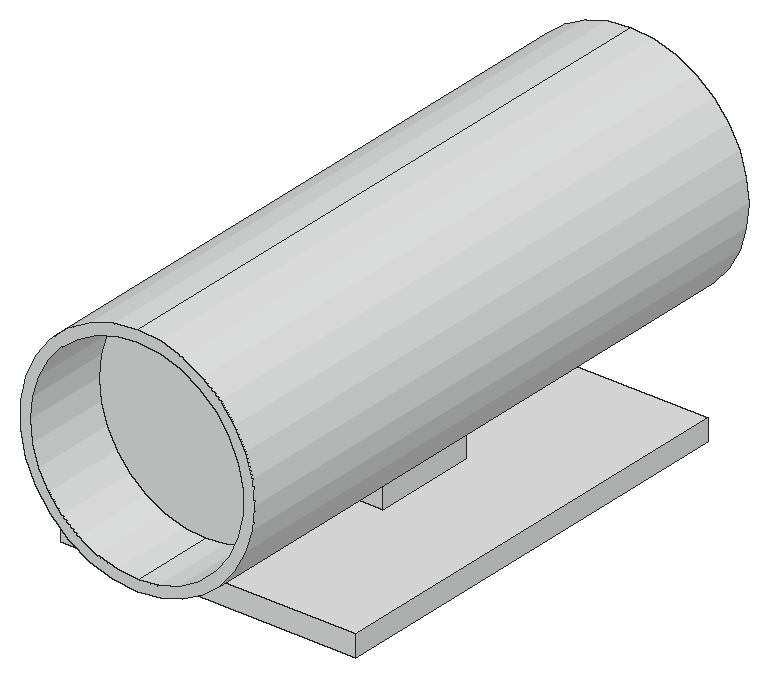
Revit family "Lighting-Surface-Amerlux-Rook X-Down", category Lighting Fixtures, host Face, Revit 2020
Family settings
  Host = Face
  Round Connector Dimension = Use Diameter
  Part Type = Normal
  Cut with Voids When Loaded = No
  Light Source = Yes
  Shared = No
  Room Calculation Point = No
Parameters
  Wattage = 9.2903 W
  built-in parameter 1150110 = 1 (stored number, unit not read)
  Voltage = 0 V
  URL = "http://www.amerlux.com/"
  built-in parameter 1114217 = 1 (stored number, unit not read)
  Tilt Angle = -90.00°
  built-in parameter 1150109 = 1 (stored number, unit not read)
  built-in parameter 1150134 = 3
  built-in parameter 1150113 = 1 (stored number, unit not read)
  Power Factor = 1
  Photometric Web File = "Load File"
  Number of Poles = 1
  built-in parameter 1150142 = (empty or 0)
  Model = "Rook X"
  Manufacturer = "Amerlux"
  built-in parameter 1150105 = 109.82 (stored number, unit not read)
  Lumens = 1380 lm
  built-in parameter 1150115 = 1 (stored number, unit not read)
  built-in parameter 1150137 = (empty or 0)
  built-in parameter 1150139 = (empty or 0)
  built-in parameter 1150112 = 1 (stored number, unit not read)
  built-in parameter 1150114 = 1 (stored number, unit not read)
  built-in parameter 1150132 = (empty or 0)
  built-in parameter 1150102 = (empty or 0)
  built-in parameter 1150107 = 3200 (stored number, unit not read)
  built-in parameter 1150138 = (empty or 0)
  built-in parameter 1150106 = 1.0982 (stored number, unit not read)
  Height = 7.23828"
  Fixture Finish = Aluminum Finish
  Emit from Circle Diameter = 2.50"
  Emit Shape Visible in Rendering = no
  built-in parameter 1150104 = 13.8 (stored number, unit not read)
  Dimming Lamp Color Temperature Shift = <None>
  Description = "Wall Mount"
  Default Elevation = 48.00"
  Color Filter = 16777215
  built-in parameter 1114218 = 1 (stored number, unit not read)
  Back Plate Height = 5.17"
  built-in parameter 1150133 = 10 (stored number, unit not read)
  Apparent Load = 0 VA
Reference planes (in)
  plane 1 "Center (Front/Back)": y = 0
  plane 2: z = 0
  plane 3 "Center (Left/Right)": x = 0
  plane 4: z = 0
  plane 5: z = 24
  plane 6: y = 3.61914
  plane 7: y = -3.61914
  plane 8: y = 2.585
  plane 9: y = -2.585
  plane 10: x = -1.73065
  plane 11: x = 1.73065
Forms (in)
  Extrusion 1, solid, material "Aluminum Finish"
    sketch origin (0, -19.5, 1.91784) x (0, 0, -1) y (-1, 0, 0)
      loop
        circle (0, 0) r 1.375
    from 15.88086 to 23.11914
  Extrusion 2, void
    sketch origin (0, -19.5, 1.91784) x (0, 0, -1) y (-1, 0, 0)
      loop
        circle (0, 0) r 1.25
    from 22.12399 to 23.11914
  Extrusion 3, solid, material "Aluminum Finish" <- "Fixture Finish"
    sketch origin (0, 0, 0) x (1, 0, 0) y (0, 0, 1)
      loop
        line (-1.73065, 0.25) -> (-1.73065, 0) -> (1.73065, 0) -> (1.73065, 0.25) -> (-1.73065, 0.25)
    from -2.585 to 2.585
  Extrusion 4, void
    sketch origin (0, 19.5, 1.91784) x (0, 0, -1) y (1, 0, 0)
      loop
        circle (0, 0) r 1.25
    from 22.12399 to 23.11914
  Extrusion 5, solid, material "Aluminum Finish" <- "Fixture Finish"
    sketch origin (0, 0, 0) x (0, 1, 0) y (0, 0, 1)
      loop
        line (0.59984, 0.5429) -> (-0.60915, 0.5429) -> (-0.60915, 0.25) -> (0.59984, 0.25) -> (0.59984, 0.5429)
    from -0.47183 to 0.47549
Cuts and joins
  Extrusion 2, Extrusion 4 cuts Extrusion 1
Dimensions and locks (in)
  plane 4 to host face = 0.00"
  equal spacing: plane 6, plane 1 "Center (Front/Back)", plane 7
  "Height": plane 6 to plane 7
  equal spacing: plane 8, plane 1 "Center (Front/Back)", plane 9
  "Back Plate Height": plane 8 to plane 9
  equal spacing: plane 10, plane 3 "Center (Left/Right)", plane 11
  plane 10 to plane 11 = 3.4613"
  diameter of Extrusion 1 sketch curve = 2.75"
  aligned and locked: plane 2 to host face
  aligned and locked: level to host face
  aligned and locked: plane 3 "Center (Left/Right)" to imposter light
  aligned and locked: level to Extrusion 3 sketch curve
Automatic sketch dimensions
  host sketch curve to host sketch curve = 96.00"  (x2)
  Extrusion 1 sketch curve to plane 3 "Center (Left/Right)" = 0.00"
  Extrusion 1 sketch curve to plane 5 = 22.08216"
  Extrusion 2 sketch curve to plane 3 "Center (Left/Right)" = 0.00"
  Extrusion 2 sketch curve to plane 5 = 22.08216"
  Extrusion 3 sketch curve to plane 3 "Center (Left/Right)" = 1.73065"
  plane 3 "Center (Left/Right)" to Extrusion 3 sketch curve = 1.73065"
  Extrusion 3 sketch curve to Extrusion 3 sketch curve = 0.25"
  Extrusion 4 sketch curve to plane 3 "Center (Left/Right)" = 0.00"
  Extrusion 4 sketch curve to plane 5 = 22.08216"
  plane 1 "Center (Front/Back)" to Extrusion 5 sketch curve = 0.60915"
  level to Extrusion 5 sketch curve = 0.25"
  Extrusion 5 sketch curve to plane 1 "Center (Front/Back)" = 0.59984"
  Extrusion 5 sketch curve to Extrusion 5 sketch curve = 0.2929"
  radius of Extrusion 2 sketch curve = 1.25"
  radius of Extrusion 4 sketch curve = 1.25"
Connectors (in)
  electrical at (0, 0, 0), driven by "Number of Poles", driven by "Voltage", driven by "Apparent Load", driven by "Power Factor"
    settings: on Extrusion 3, index 1, voltage 0 V, apparent load 0 VA, apparent load phase1 0 VA, apparent load phase2 0 VA, apparent load phase3 0 VA, power factor 1, load classification "Other", number of poles 1, system type 31, power factor state 1, is connector primary yes, connector utility no, sub classification motor no, connector description ""
